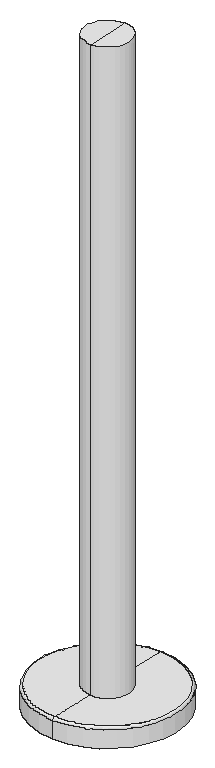
Revit family "ShowerConnectionPipe-LongConnectionPipe-Vitra-ShowerSystem-A45650", category Plumbing Fixtures, host Face, Revit 2017
Family settings
  Host = Face
  Round Connector Dimension = Use Diameter
  Part Type = Normal
  OmniClass Number = 23.45.00.00
  OmniClass Title = Sanitary, Laundry, and Cleaning Equipment
  Cut with Voids When Loaded = No
  Shared = Yes
  Room Calculation Point = No
Parameters (values of type "ShowerConnectionPipe-LongConnectionPipe-Vitra-ShowerSystem-A45650")
  Youtube = "https://www.youtube.com/user/VitrAglobal"
  Weight Net (kg) = "0,48"
  Waste Connection = no
  Warranty Period (Year) = "5 Years"
  Vent Connection = no
  Uniformat II Description = "Plumbing Fixtures"
  Uniformat II Code = "D2010"
  Uniclass 2015 Name = "Shower heads"
  Uniclass 2015 Code = "Pr_40_20_87_76"
  Uniclass 2.0 Description = "Shower Heads"
  Uniclass 2.0 Code = "PR-35-06-81"
  Uniclass 1.4 Description = "Showers"
  Uniclass 1.4 Code = "L7214"
  URL = "https://vitraglobal.com/"
  UNSPSC Description = ""
  UNSPSC Code = ""
  Test Pressure = "16 bar"
  Technical description = "https://www.vitra.com.tr/pdf/A45650/"
  Tap hole Options (default) = ""
  Specification = ""
  Region South America = "All"
  Region Oceania = "All"
  Region North America = "All"
  Region Middle East = "All"
  Region Europe = "All"
  Region Asia = "All"
  Region Antarctica = "All"
  Region Africa = "All"
  Range of flow pressure = "0.5-10 bar (Recommended 3-5 Bars)"
  Range of Hot Water Supply = "5 - 65 °C"
  Product url = "https://www.vitra.com.tr/dus-sistemleri/dus-basliklari/dus-dirsekleri/tavandan-dirsek-sku-A45650/"
  Product manual = ""
  Product group = "Long Connection Pipe - Ceiling-Mounted"
  Product family = "Shower System"
  Product data url = ""
  Product certification = "https://www.vitraglobal.com/brochures/"
  Product Type = "Long Connection Pipe"
  Product SKU = "A45650"
  Product Properties = ""
  Product Guid = ""
  OmniClass Description = "Shower Head Fixtures"
  OmniClass Code = "23-31 17 19"
  Number Of Connections = "1"
  Nominal Width (mm) = 70 mm
  Nominal Height (mm) = 290 mm
  Nominal Depth (mm) = 70 mm
  NBS Referans Description = "Shower Heads"
  NBS Referans Code = "35-06-81"
  Mounting type = "Ceiling-Mounted"
  Model = "A45650"
  Min. flow pressure of = "0.5 bar"
  Masterformat 2014 Description = "Residential Showers"
  Masterformat 2014 Code = "22 41 23"
  Manufacturer name = "Vitra"
  Manufacturer = "Vitra"
  Main Material = "Metal"
  Installation instructions = ""
  IFC Classification = "Sanitary Terminal"
  Hot Water temperature, factory set to = "38 °C"
  Hot Water Supply (max.) = "80 °C"
  Help = ""
  HW Connection = yes
  GTIP code = ""
  Flow Rate(L/min. - 3 bar) = ""
  Features = ""
  EAN code = ""
  Design country = "Turkey"
  Description = "Long Connection Pipe"
  Default Elevation = 2200 mm
  Connection Diameter (mm) = 15 mm
  Color = "Chrome"
  Coating Material = Chrome
  Calculated flow = ""
  CW Connection = yes
  COBIe Type Category = ""
  Brand = "Vitra"
  BIMobject category = "Bath/Shower Mixer"
  Article No. (default) = "A45650"
  Approvals = ""
  ApplicationType = ""
  Accessories (default) = ""
Types (5, lengths in mm): name | Technical description | Product url | Product SKU | Model | Color | Coating Material | Article No. (default)
  ShowerConnectionPipe-LongConnectionPipe-Vitra-ShowerSystem-A45650 | "https://www.vitra.com.tr/pdf/A45650/" | "https://www.vitra.com.tr/dus-sistemleri/dus-basliklari/dus-dirsekleri/tavandan-dirsek-sku-A45650/" | "A45650" | "A45650" | "Chrome" | Chrome | "A45650"
  ShowerConnectionPipe-LongConnectionPipe-Vitra-ShowerSystem-A4565026 | "https://www.vitra.com.tr/pdf/A4565026/" | "https://www.vitra.com.tr/dus-sistemleri/dus-basliklari/dus-dirsekleri/dus-dirsegi-sku-A4565026/" | "A4565026" | "A4565026" | "Copper" | Copper | "A4565026"
  ShowerConnectionPipe-LongConnectionPipe-Vitra-ShowerSystem-A4565034 | "https://www.vitra.com.tr/pdf/A4565034/" | "https://www.vitra.com.tr/dus-sistemleri/dus-basliklari/dus-dirsekleri/dus-dirsegi-sku-A4565034/" | "A4565034" | "A4565034" | "Brushed Nickel" | Brushed Nickel | "A4565034"
  ShowerConnectionPipe-LongConnectionPipe-Vitra-ShowerSystem-A4565036 | "https://www.vitra.com.tr/pdf/A4565036/" | "https://www.vitra.com.tr/dus-sistemleri/dus-basliklari/dus-dirsekleri/dus-dirsegi-sku-A4565036/" | "A4565036" | "A4565036" | "Matte Black" | Matte Black | "A4565036"
  ShowerConnectionPipe-LongConnectionPipe-Vitra-ShowerSystem-A4565023 | "https://www.vitra.com.tr/pdf/A4565023/" | "https://www.vitra.com.tr/dus-sistemleri/dus-basliklari/dus-dirsekleri/tavandan-dirsek-sku-A4565023/" | "A4565023" | "A4565023" | "Gold" | Gold | "A4565023"
Reference planes
  plane 1 "Center (Front/Back)": y = 0
  plane 2: z = 0
  plane 3 "Center (Left/Right)": x = 0
  plane 4: y = 35.006
  plane 5: x = 33.918
  plane 6: x = -36.082
  plane 7: y = -34.994
  plane 8: z = 290
Forms (mm)
  Revolve 1, solid, material "Chrome" <- "Coating Material", detail levels fine
    sketch origin (0, 0, 0) x (0, 1, 0) y (0, 0, 1)
      loop
        line (0, -7.868) -> (9.223, -7.868) -> (9.223, 0) -> (32.99, 0) -> (32.99, 8.056)
        arc (32.99, 8.056) -> (32.697, 8.763) -> (31.99, 9.056) r 1
        line (31.99, 9.056) -> (10.371, 9.056) -> (10.371, 290.007) -> (0, 290.007) -> (0, -7.868)
      axis (0, -7.868) -> (0, 290.007)
    angle from 0 to 360
  Revolve 2, solid, detail levels medium
    sketch origin (0, 0, 0) x (0, 1, 0) y (0, 0, 1)
      loop
        line (0, 290.007) -> (0, 10.853) -> (0, 0) -> (35.006, 0) -> (35.006, 10.853) -> (10.234, 10.853) -> (10.234, 290.007) -> (0, 290.007)
      axis (0, 0) -> (0, 290.007)
    angle from 0 to 360
  Extrusion 3, solid, detail levels coarse
    sketch origin (0, 0, 0) x (1, 0, 0) y (0, 1, 0)
      loop
        circle (0, 0) r 35.006
    from 0 to 290
Dimensions and locks
  "Nominal Width (mm)": plane 6 to plane 5
  "Nominal Depth (mm)": plane 4 to plane 7
  "Nominal Height (mm)": plane 8 to host face
  aligned and locked: plane 2 to host face
  aligned and locked: level to host face
Automatic sketch dimensions
  host sketch curve to host sketch curve = 2438.4 mm  (x2)
  Revolve 2 sketch curve to plane 1 "Center (Front/Back)" = 0 mm  (x2)
  Revolve 2 sketch curve to level = 0 mm
  Revolve 2 sketch curve to plane 4 = 0 mm
  Revolve 2 sketch curve to Revolve 2 sketch curve = 10.234 mm
  level to Revolve 2 sketch curve = 10.853 mm
  Revolve 2 sketch curve to Revolve 2 sketch curve = 0 mm
  Revolve 2 sketch curve to Revolve 2 sketch curve = 34.147 mm
  plane 1 "Center (Front/Back)" to Extrusion 3 sketch curve = 0 mm
  Extrusion 3 sketch curve to plane 3 "Center (Left/Right)" = 0 mm
  Revolve 1 sketch curve to plane 1 "Center (Front/Back)" = 0 mm  (x2)
  Revolve 1 sketch curve to level = 0 mm
  Revolve 1 sketch curve to Revolve 1 sketch curve = 9.223 mm
  Revolve 1 sketch curve to Revolve 1 sketch curve = 10.371 mm
  Revolve 1 sketch curve to plane 4 = 3.017 mm
  Revolve 1 sketch curve to Revolve 1 sketch curve = 1 mm
  Revolve 1 sketch curve to level = 7.868 mm
  level to Revolve 1 sketch curve = 8.056 mm
  Revolve 1 sketch curve to Revolve 1 sketch curve = 25.944 mm
  Revolve 1 sketch curve to Revolve 1 sketch curve = 25 mm
  plane 8 to Revolve 1 sketch curve = 0.007 mm
  plane 8 to Revolve 2 sketch curve = 0.007 mm
  Revolve 2 sketch curve to Revolve 2 sketch curve = 30 mm
  radius of Extrusion 3 sketch curve = 35.006 mm
Connectors
  piping at (0, 0, -7.868), diameter 15
    settings: on Revolve 1, index 1, connector inside diameter 609.6 mm, connector length 0 mm, flow factor 0, pipe flow 0.0 L/s, pressure drop 0.0 Pa, fitting loss kfactor 0, connector angle 0.00°, fixture units 0, engagement length 0 mm, angle of deflection 0.00°, flow configuration 0, flow direction 1, fitting loss method 0, system type 22, joint type 0, gender type 0, connector reference index -1, connector utility 0, adjustable connector no, is connector primary yes, connector description ""
